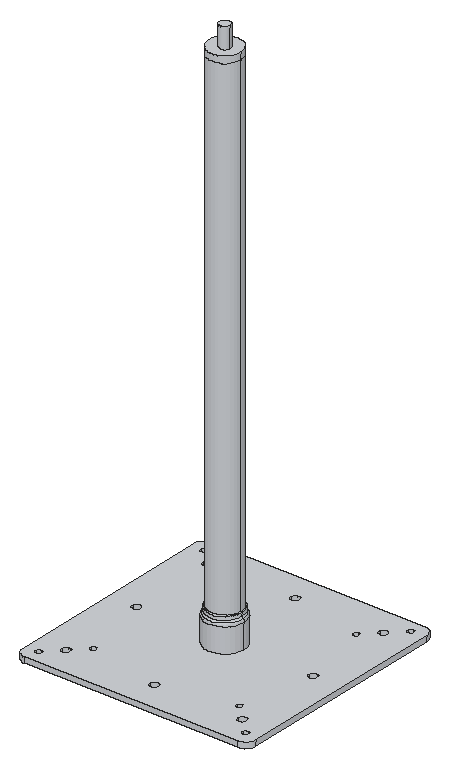
Revit family "ROTHOB_Rothoblaas_FallProtection_TowerXL", category Specialty Equipment, host Face, Revit 2022
Family settings
  Host = Face
  Round Connector Dimension = Use Diameter
  Part Type = Normal
  OmniClass Number = 23.27.71.21
  Cut with Voids When Loaded = No
  Maintain Annotation Orientation = No
  Shared = No
  Room Calculation Point = No
Parameters (values of type "350x800x350mm")
  WarrantyGuarantorParts = "n/a"
  WarrantyGuarantorLabor = "n/a"
  WarrantyDurationUnit = "n/a"
  WarrantyDurationParts = "n/a"
  WarrantyDurationLabor = "n/a"
  WarrantyDescription = "n/a"
  Version = "003"  # constant formula
  UniClass2015Version = "Products v1.38"  # constant formula
  UniClass2015Title = "Safety access anchor devices"  # constant formula
  UniClass2015Code = "Pr_40_70_75_75"  # constant formula
  Tipo IFC predefinito = "USERDEFINED"
  SustainabilityPerformance = "n/a"  # constant formula
  Size = "350x800x350 mm"
  Shape = "Three-dimensional"  # constant formula
  Revision = "001"  # constant formula
  ReplacementCost = "n/a"  # constant formula
  ReferenceStandard = "with PATROL: EN 795:2012 C | CEN/TS 16415:2013 | UNI 11578:2015 C | AS/NZS 1891.2:2001 | AS/NZS 1891.4:2009 | CSA Z259.16 // with H-RAIL: EN 795:2012 D | CEN/TS 16415:2013 | UNI 11578:2015 D | AS/NZS 1891.2:2001 | AS/NZS 1891.4:2009 | BS 8610:2017 D1-D2-D3-D5 // with AOS01: EN 795:2012 A | CEN/TS 16415:2013 A | UNI 11578:2015 A"  # constant formula
  GTIN = "8052877753826"
  Default Elevation = 1219.20 mm
  ProductInformation = "https://www.rothoblaas.com/products/fall-protection-system/anchor-lines/components/tower-xl"
  OmniClassVersion = "2012-05-16"  # constant formula
  OmniClassTitle = "Fall Arrest Systems"  # constant formula
  OmniClassCode = "23-27 71 21"  # constant formula
  ObjectMaterial = none
  NominalWidth = Width_B  # 350.00 mm
  NominalLength = Length_L  # 350.00 mm
  NominalHeight = Height_H  # 800.00 mm
  ModelNumberCode = 800
  Height_H = if(ModelNumberCode = 300, 300.00 mm, if(ModelNumberCode = 400, 400.00 mm, if(ModelNumberCode = 500, 500.00 mm, if(ModelNumberCode = 600, 600.00 mm, if(ModelNumberCode = 700, 700.00 mm, if(ModelNumberCode = 800, 800.00 mm, if(ModelNumberCode = 1000, 1000.00 mm, 0.00 mm)))))))  # 800.00 mm
  Name = "Support for fall protection systems"  # constant formula
  ModelReference = "n/a"  # constant formula
  ModelNumber = "TOWERXL800"
  ModelDisclaimer = "The latest version of the data sheets can be found on our website"  # constant formula
  MinWeight = "10.1 kg"
  Material = "S235JR zinc plated steel"  # constant formula
  ManufacturerURL = "www.rothoblaas.com"
  ManufacturerName = "ROTHO BLAAS SRL"  # constant formula
  Manufacturer = "info@rothoblaas.com"
  Manufacturer_x = "info@rothoblaas.com"
  IfcExportType = "USERDEFINED"
  IfcExportAs = "IfcBuildingElementProxyType"
  Width_B = 350.00 mm  # constant formula
  Grade = "n/a"  # constant formula
  Finish = "Zinc plated"  # constant formula
  Features = "Horizontal lifeline and anchor points"  # constant formula
  ExpectedLife = "n/a"  # constant formula
  Esporta tipo in formato IFC con nome = "IfcBuildingElementProxyType"
  DurationUnit = "Years"  # constant formula
  Description = "Support with increased bottom plate for fall protection systems for timber, steel and concrete roofs"  # constant formula
  Description_x = "Support with increased bottom plate for fall protection systems for timber, steel and concrete roofs"  # constant formula
  Length_L = 350.00 mm  # constant formula
  CylinderDiameter_d1 = 48.00 mm  # constant formula
  Constituents = "n/a"  # constant formula
  Color = "Grey"  # constant formula
  CodePerformance = "Safety system"  # constant formula
  Category = "Pr_40_70_75_75 - Safety access anchor devices"  # constant formula
  BIMObjectName = "ROTHOB_Rothoblaas_FallProtection_TowerXL"  # constant formula
  Author = "Augusto Meorali"  # constant formula
  AssetType = "Fixed"  # constant formula
  AccessibilityPerformance = "n/a"  # constant formula
Types (8, lengths in mm): name | Size | GTIN | ObjectMaterial | NominalHeight | ModelNumberCode | Height_H | ModelNumber | MinWeight | Manufacturer
  (no name) | "350x800x350 mm" | "8052877753826" | none | 800.00 | 800 | 800.00 | "TOWERXL800" | "10.1 kg" | "info@rothoblaas.com"
  350x300x350mm | "350x300x350 mm" | "8053800078856" | ROTHOB_Rothoblaas_SteelS235JR_ZincPlated | 300.00 | 300 | 300.00 | "TOWERXL300" | "9 kg" | "info@rothoblaas.com"
  350x400x350mm | "350x400x350 mm" | "8053800078863" | ROTHOB_Rothoblaas_SteelS235JR_ZincPlated | 400.00 | 400 | 400.00 | "TOWERXL400" | "9.3 kg" | 0.00
  350x500x350mm | "350x500x350 mm" | "8053800077774" | ROTHOB_Rothoblaas_SteelS235JR_ZincPlated | 500.00 | 500 | 500.00 | "TOWERXL500" | "9.6 kg" | "info@rothoblaas.com"
  350x600x350mm | "350x600x350 mm" | "8053800079518" | ROTHOB_Rothoblaas_SteelS235JR_ZincPlated | 600.00 | 600 | 600.00 | "TOWERXL600" | "9.7 kg" | "info@rothoblaas.com"
  350x700x350mm | "350x700x350 mm" | "8052877756131" | ROTHOB_Rothoblaas_SteelS235JR_ZincPlated | 700.00 | 700 | 700.00 | "TOWERXL700" | "9.9 kg" | "info@rothoblaas.com"
  350x800x350mm | "350x800x350 mm" | "8052877753826" | none | 800.00 | 800 | 800.00 | "TOWERXL800" | "10.1 kg" | "info@rothoblaas.com"
  350x1000x350mm | "350x1000x350 mm" | "n/a" | ROTHOB_Rothoblaas_SteelS235JR_ZincPlated | 1000.00 | 1000 | 1000.00 | "TOWERXL1000" | "10.5 kg" | "info@rothoblaas.com"
Reference planes
  plane 1 "Centro (Fronte/Retro)": y = 0
  plane 2: z = 0
  plane 3 "Centro (Sinistra/Destra)": x = 0
  plane 4: y = 175
  plane 5: y = -175
  plane 6: x = -175
  plane 7: x = 175
  plane 8: z = 8
  plane 9: z = 808
  plane 10: z = 838
  plane 11: z = 798
  plane 12: z = 785
  plane 13: y = 155.002
  plane 14: y = 132.198
  plane 15: y = 109.401
  plane 16: y = -109.401
  plane 17: y = -132.198
  plane 18: y = -155.002
  plane 19: x = -155.001
  plane 20: x = -132.202
  plane 21: x = -109.4
  plane 22: x = 155.001
  plane 23: x = 132.202
  plane 24: x = 109.4
Forms (mm)
  Extrusion 1, solid, material <- "ObjectMaterial", detail levels fine
    sketch origin (0, 0, 0) x (1, 0, 0) y (0, 1, 0)
      loop
        arc (-160, 175) -> (-170.607, 170.607) -> (-175, 160) r 15
        line (-175, 160) -> (-175, -160)
        arc (-175, -160) -> (-170.607, -170.607) -> (-160, -175) r 15
        line (-160, -175) -> (160, -175)
        arc (160, -175) -> (170.607, -170.607) -> (175, -160) r 15
        line (175, -160) -> (175, 160)
        arc (175, 160) -> (170.607, 170.607) -> (160, 175) r 15
        line (160, 175) -> (-160, 175)
      loop
        circle (-155.001, -155.002) r 4.5
      loop
        circle (155.001, -155.002) r 4.5
      loop
        circle (-109.4, -109.401) r 4.5
      loop
        circle (109.4, -109.401) r 4.5
      loop
        circle (-132.202, -132.198) r 6.25
      loop
        circle (132.202, -132.198) r 6.25
      loop
        circle (-155.001, 155.002) r 4.5
      loop
        circle (-109.4, 109.401) r 4.5
      loop
        circle (-132.202, 132.198) r 6.25
      loop
        circle (155.001, 155.002) r 4.5
      loop
        circle (109.4, 109.401) r 4.5
      loop
        circle (132.202, 132.198) r 6.25
      loop
        circle (0, -132.198) r 6.25
      loop
        circle (0, 132.198) r 6.25
      loop
        circle (132.202, 0) r 6.25
      loop
        circle (-132.202, 0) r 6.25
    from 0 to 8
  Extrusion 2, solid, material <- "ObjectMaterial", detail levels fine
    sketch origin (0, 0, 0) x (1, 0, 0) y (0, 1, 0)
      loop
        circle (0, 0) r 24
      loop
        circle (0, 0) r 23.5
    from 8 to 798
  Extrusion 3, solid, material <- "ObjectMaterial", detail levels fine
    sketch origin (0, 0, 0) x (1, 0, 0) y (0, 1, 0)
      loop
        circle (0, 0) r 8
    from 798 to 838
  Sweep 4, solid, material <- "ObjectMaterial", detail levels fine
    path origin (0, 0, 0) x (1, 0, 0) y (0, 1, 0)
      loop
        circle (0, 0) r 24
    profile origin (0, 24, 0) x (0, -1, 0) y (0, 0, 1)
      loop
        line (0, 8) -> (0, 57.786) -> (-0.817, 57.786)
        arc (-0.817, 57.786) -> (-1.479, 57.355) -> (-1.731, 56.606) r 1.204
        line (-1.731, 56.606) -> (-2.054, 51.988)
        arc (-2.054, 51.988) -> (-2.498, 50.126) -> (-3.509, 48.501) r 5.965
        arc (-3.509, 48.501) -> (-4.428, 46.518) -> (-4.744, 44.355) r 7.58
        line (-4.744, 44.355) -> (-4.744, 8) -> (0, 8)
  Extrusion 5, solid, material <- "ObjectMaterial", detail levels fine
    sketch origin (0, 0, 0) x (1, 0, 0) y (0, 1, 0)
      loop
        circle (0, 0) r 24
      loop
        circle (0, 0) r 8
    from 798 to 808
  Extrusion 6, solid, material <- "ObjectMaterial", detail levels fine
    sketch origin (0, 0, 0) x (1, 0, 0) y (0, 1, 0)
      loop
        line (-6.928, 12) -> (-13.856, 0) -> (-6.928, -12) -> (6.928, -12) -> (13.856, 0) -> (6.928, 12) -> (-6.928, 12)
    from 785 to 798
Lines and regions (mm)
  model lines, detail levels coarse+medium
    curve 1: line (175, 160, 0) -> (175, -160, 0)
    curve 2: arc (175, -160, 0) -> (170.607, -170.607, 0) -> (160, -175, 0) r 15
    curve 3: line (160, -175, 0) -> (-160, -175, 0)
    curve 4: arc (-160, -175, 0) -> (-170.607, -170.607, 0) -> (-175, -160, 0) r 15
    curve 5: line (-175, -160, 0) -> (-175, 160, 0)
    curve 6: arc (-175, 160, 0) -> (-170.607, 170.607, 0) -> (-160, 175, 0) r 15
    curve 7: line (-160, 175, 0) -> (160, 175, 0)
    curve 8: arc (160, 175, 0) -> (170.607, 170.607, 0) -> (175, 160, 0) r 15
    curve 9: arc (150.501, -155.002, 0) -> (155.001, -159.502, 0) -> (159.501, -155.002, 0) r 4.5
    curve 10: arc (159.501, -155.002, 0) -> (155.001, -150.502, 0) -> (150.501, -155.002, 0) r 4.5
    curve 11: arc (125.952, -132.198, 0) -> (132.202, -138.448, 0) -> (138.452, -132.198, 0) r 6.25
    curve 12: arc (138.452, -132.198, 0) -> (132.202, -125.948, 0) -> (125.952, -132.198, 0) r 6.25
    curve 13: arc (104.9, -109.401, 0) -> (109.4, -113.901, 0) -> (113.9, -109.401, 0) r 4.5
    curve 14: arc (113.9, -109.401, 0) -> (109.4, -104.901, 0) -> (104.9, -109.401, 0) r 4.5
    curve 15: arc (-6.25, -132.198, 0) -> (0, -138.448, 0) -> (6.25, -132.198, 0) r 6.25
    curve 16: arc (6.25, -132.198, 0) -> (0, -125.948, 0) -> (-6.25, -132.198, 0) r 6.25
    curve 17: arc (-113.9, -109.401, 0) -> (-109.4, -113.901, 0) -> (-104.9, -109.401, 0) r 4.5
    curve 18: arc (-104.9, -109.401, 0) -> (-109.4, -104.901, 0) -> (-113.9, -109.401, 0) r 4.5
    curve 19: arc (-138.452, -132.198, 0) -> (-132.202, -138.448, 0) -> (-125.952, -132.198, 0) r 6.25
    curve 20: arc (-125.952, -132.198, 0) -> (-132.202, -125.948, 0) -> (-138.452, -132.198, 0) r 6.25
    curve 21: arc (-159.501, -155.002, 0) -> (-155.001, -159.502, 0) -> (-150.501, -155.002, 0) r 4.5
    curve 22: arc (-150.501, -155.002, 0) -> (-155.001, -150.502, 0) -> (-159.501, -155.002, 0) r 4.5
    curve 23: arc (-138.452, 0, 0) -> (-132.202, -6.25, 0) -> (-125.952, 0, 0) r 6.25
    curve 24: arc (-125.952, 0, 0) -> (-132.202, 6.25, 0) -> (-138.452, 0, 0) r 6.25
    curve 25: arc (138.452, 0, 0) -> (132.202, 6.25, 0) -> (125.952, 0, 0) r 6.25
    curve 26: arc (125.952, 0, 0) -> (132.202, -6.25, 0) -> (138.452, 0, 0) r 6.25
    curve 27: arc (-6.25, 132.198, 0) -> (0, 125.948, 0) -> (6.25, 132.198, 0) r 6.25
    curve 28: arc (6.25, 132.198, 0) -> (0, 138.448, 0) -> (-6.25, 132.198, 0) r 6.25
    curve 29: arc (104.9, 109.401, 0) -> (109.4, 104.901, 0) -> (113.9, 109.401, 0) r 4.5
    curve 30: arc (113.9, 109.401, 0) -> (109.4, 113.901, 0) -> (104.9, 109.401, 0) r 4.5
    curve 31: arc (125.952, 132.198, 0) -> (132.202, 125.948, 0) -> (138.452, 132.198, 0) r 6.25
    curve 32: arc (138.452, 132.198, 0) -> (132.202, 138.448, 0) -> (125.952, 132.198, 0) r 6.25
    curve 33: arc (150.501, 155.002, 0) -> (155.001, 150.502, 0) -> (159.501, 155.002, 0) r 4.5
    curve 34: arc (159.501, 155.002, 0) -> (155.001, 159.502, 0) -> (150.501, 155.002, 0) r 4.5
    curve 35: arc (-113.9, 109.401, 0) -> (-109.4, 104.901, 0) -> (-104.9, 109.401, 0) r 4.5
    curve 36: arc (-104.9, 109.401, 0) -> (-109.4, 113.901, 0) -> (-113.9, 109.401, 0) r 4.5
    curve 37: arc (-138.452, 132.198, 0) -> (-132.202, 125.948, 0) -> (-125.952, 132.198, 0) r 6.25
    curve 38: arc (-125.952, 132.198, 0) -> (-132.202, 138.448, 0) -> (-138.452, 132.198, 0) r 6.25
    curve 39: arc (-159.501, 155.002, 0) -> (-155.001, 150.502, 0) -> (-150.501, 155.002, 0) r 4.5
    curve 40: arc (-150.501, 155.002, 0) -> (-155.001, 159.502, 0) -> (-159.501, 155.002, 0) r 4.5
    curve 83: line (0, 0, 838) -> (0, 0, 8)
    curve 86: arc (24, 0, 808) -> (0, 24, 808) -> (-24, 0, 808) r 24
    curve 87: arc (-24, 0, 808) -> (0, -24, 808) -> (24, 0, 808) r 24
    curve 90: arc (8, 0, 838) -> (0, 8, 838) -> (-8, 0, 838) r 8
    curve 91: arc (-8, 0, 838) -> (0, -8, 838) -> (8, 0, 838) r 8
  model lines, detail levels medium
    curve 41: line (175, -160, 8) -> (175, 160, 8)
    curve 42: arc (175, 160, 8) -> (170.607, 170.607, 8) -> (160, 175, 8) r 15
    curve 43: line (160, 175, 8) -> (-160, 175, 8)
    curve 44: arc (-160, 175, 8) -> (-170.607, 170.607, 8) -> (-175, 160, 8) r 15
    curve 45: line (-175, 160, 8) -> (-175, -160, 8)
    curve 46: arc (-175, -160, 8) -> (-170.607, -170.607, 8) -> (-160, -175, 8) r 15
    curve 47: line (-160, -175, 8) -> (160, -175, 8)
    curve 48: arc (160, -175, 8) -> (170.607, -170.607, 8) -> (175, -160, 8) r 15
    curve 49: arc (150.501, -155.002, 8) -> (155.001, -150.502, 8) -> (159.501, -155.002, 8) r 4.5
    curve 50: arc (159.501, -155.002, 8) -> (155.001, -159.502, 8) -> (150.501, -155.002, 8) r 4.5
    curve 51: arc (138.452, -132.198, 8) -> (132.202, -138.448, 8) -> (125.952, -132.198, 8) r 6.25
    curve 52: arc (125.952, -132.198, 8) -> (132.202, -125.948, 8) -> (138.452, -132.198, 8) r 6.25
    curve 53: arc (104.9, -109.401, 8) -> (109.4, -104.901, 8) -> (113.9, -109.401, 8) r 4.5
    curve 54: arc (113.9, -109.401, 8) -> (109.4, -113.901, 8) -> (104.9, -109.401, 8) r 4.5
    curve 55: arc (125.952, 0, 8) -> (132.202, 6.25, 8) -> (138.452, 0, 8) r 6.25
    curve 56: arc (138.452, 0, 8) -> (132.202, -6.25, 8) -> (125.952, 0, 8) r 6.25
    curve 57: arc (159.501, 155.002, 8) -> (155.001, 150.502, 8) -> (150.501, 155.002, 8) r 4.5
    curve 58: arc (150.501, 155.002, 8) -> (155.001, 159.502, 8) -> (159.501, 155.002, 8) r 4.5
    curve 59: arc (125.952, 132.198, 8) -> (132.202, 138.448, 8) -> (138.452, 132.198, 8) r 6.25
    curve 60: arc (138.452, 132.198, 8) -> (132.202, 125.948, 8) -> (125.952, 132.198, 8) r 6.25
    curve 61: arc (104.9, 109.401, 8) -> (109.4, 113.901, 8) -> (113.9, 109.401, 8) r 4.5
    curve 62: arc (113.9, 109.401, 8) -> (109.4, 104.901, 8) -> (104.9, 109.401, 8) r 4.5
    curve 63: arc (-6.25, 132.198, 8) -> (0, 138.448, 8) -> (6.25, 132.198, 8) r 6.25
    curve 64: arc (6.25, 132.198, 8) -> (0, 125.948, 8) -> (-6.25, 132.198, 8) r 6.25
    curve 65: arc (-6.25, -132.198, 8) -> (0, -125.948, 8) -> (6.25, -132.198, 8) r 6.25
    curve 66: arc (6.25, -132.198, 8) -> (0, -138.448, 8) -> (-6.25, -132.198, 8) r 6.25
    curve 67: arc (-113.9, -109.401, 8) -> (-109.4, -104.901, 8) -> (-104.9, -109.401, 8) r 4.5
    curve 68: arc (-104.9, -109.401, 8) -> (-109.4, -113.901, 8) -> (-113.9, -109.401, 8) r 4.5
    curve 69: arc (-138.452, -132.198, 8) -> (-132.202, -125.948, 8) -> (-125.952, -132.198, 8) r 6.25
    curve 70: arc (-125.952, -132.198, 8) -> (-132.202, -138.448, 8) -> (-138.452, -132.198, 8) r 6.25
    curve 71: arc (-159.501, -155.002, 8) -> (-155.001, -150.502, 8) -> (-150.501, -155.002, 8) r 4.5
    curve 72: arc (-150.501, -155.002, 8) -> (-155.001, -159.502, 8) -> (-159.501, -155.002, 8) r 4.5
    curve 73: arc (-138.452, 0, 8) -> (-132.202, 6.25, 8) -> (-125.952, 0, 8) r 6.25
    curve 74: arc (-125.952, 0, 8) -> (-132.202, -6.25, 8) -> (-138.452, 0, 8) r 6.25
    curve 75: arc (-104.9, 109.401, 8) -> (-109.4, 104.901, 8) -> (-113.9, 109.401, 8) r 4.5
    curve 76: arc (-113.9, 109.401, 8) -> (-109.4, 113.901, 8) -> (-104.9, 109.401, 8) r 4.5
    curve 77: arc (-125.952, 132.198, 8) -> (-132.202, 125.948, 8) -> (-138.452, 132.198, 8) r 6.25
    curve 78: arc (-138.452, 132.198, 8) -> (-132.202, 138.448, 8) -> (-125.952, 132.198, 8) r 6.25
    curve 79: arc (-159.501, 155.002, 8) -> (-155.001, 159.502, 8) -> (-150.501, 155.002, 8) r 4.5
    curve 80: arc (-150.501, 155.002, 8) -> (-155.001, 150.502, 8) -> (-159.501, 155.002, 8) r 4.5
    curve 81: arc (28.744, 0, 8) -> (0, -28.744, 8) -> (-28.744, 0, 8) r 28.744
    curve 82: arc (-28.744, 0, 8) -> (0, 28.744, 8) -> (28.744, 0, 8) r 28.744
    curve 84: arc (24, 0, 798) -> (0, -24, 798) -> (-24, 0, 798) r 24
    curve 85: arc (-24, 0, 798) -> (0, 24, 798) -> (24, 0, 798) r 24
    curve 92: line (-6.928, 12, 798) -> (-13.856, 0, 798)
    curve 93: line (-13.856, 0, 798) -> (-6.928, -12, 798)
    curve 94: line (-6.928, -12, 798) -> (6.928, -12, 798)
    curve 95: line (6.928, -12, 798) -> (13.856, 0, 798)
    curve 96: line (13.856, 0, 798) -> (6.928, 12, 798)
    curve 97: line (6.928, 12, 798) -> (-6.928, 12, 798)
    curve 98: line (6.928, -12, 785) -> (-6.928, -12, 785)
    curve 99: line (-6.928, -12, 785) -> (-13.856, 0, 785)
    curve 100: line (-13.856, 0, 785) -> (-6.928, 12, 785)
    curve 101: line (-6.928, 12, 785) -> (6.928, 12, 785)
    curve 102: line (6.928, 12, 785) -> (13.856, 0, 785)
    curve 103: line (13.856, 0, 785) -> (6.928, -12, 785)
    curve 104: line (-6.928, -12, 785) -> (-6.928, -12, 798)
    curve 105: line (6.928, -12, 785) -> (6.928, -12, 798)
    curve 106: line (13.856, 0, 785) -> (13.856, 0, 798)
    curve 107: line (6.928, 12, 785) -> (6.928, 12, 798)
    curve 108: line (-6.928, 12, 785) -> (-6.928, 12, 798)
    curve 109: line (-13.856, 0, 798) -> (-13.856, 0, 785)
  model lines
    curve 88: arc (8, 0, 808) -> (0, -8, 808) -> (-8, 0, 808) r 8
    curve 89: arc (-8, 0, 808) -> (0, 8, 808) -> (8, 0, 808) r 8
Dimensions and locks
  equal spacing: host sketch curve, plane 3 "Centro (Sinistra/Destra)", host sketch curve
  host sketch curve to host sketch curve = 380.00 mm
  equal spacing: host sketch curve, plane 1 "Centro (Fronte/Retro)", host sketch curve
  host sketch curve to host sketch curve = 378.543 mm
  equal spacing: plane 6, plane 3 "Centro (Sinistra/Destra)", plane 7
  "Width_B": plane 6 to plane 7
  equal spacing: plane 4, plane 1 "Centro (Fronte/Retro)", plane 5
  "Length_L": plane 4 to plane 5
  equal spacing: Extrusion 1 sketch curve, plane 3 "Centro (Sinistra/Destra)", Extrusion 1 sketch curve, locked at 155.001 each
  locked: Extrusion 1 sketch curve to Extrusion 1 sketch curve at 310.003  (x2)
  equal spacing: Extrusion 1 sketch curve, plane 3 "Centro (Sinistra/Destra)", Extrusion 1 sketch curve, locked at 132.202 each
  locked: Extrusion 1 sketch curve to Extrusion 1 sketch curve at 264.405
  equal spacing: Extrusion 1 sketch curve, plane 3 "Centro (Sinistra/Destra)", Extrusion 1 sketch curve, locked at 109.4 each
  locked: Extrusion 1 sketch curve to Extrusion 1 sketch curve at 218.799
  equal spacing: Extrusion 1 sketch curve, plane 1 "Centro (Fronte/Retro)", Extrusion 1 sketch curve, locked at 109.401 each
  locked: Extrusion 1 sketch curve to Extrusion 1 sketch curve at 218.803
  equal spacing: Extrusion 1 sketch curve, plane 1 "Centro (Fronte/Retro)", Extrusion 1 sketch curve, locked at 132.198 each
  locked: Extrusion 1 sketch curve to Extrusion 1 sketch curve at 264.396
  equal spacing: Extrusion 1 sketch curve, plane 1 "Centro (Fronte/Retro)", Extrusion 1 sketch curve, locked at 155.002 each
  "Height_H": plane 9 to plane 8
  locked: plane 10 to plane 9 at 30
  locked: plane 9 to plane 11 at 10
  locked: plane 8 to plane 2 at 8
  locked: plane 11 to plane 12 at 13
  plane 5 to plane 18 to plane 17 to plane 16 to plane 1 "Centro (Fronte/Retro)" to plane 15 to plane 14 to plane 13 to plane 4 = 19.998 mm, 22.804 mm, 22.797 mm, 109.401 mm, 109.401 mm, 22.797 mm, 22.804 mm, 19.998 mm
  plane 6 to plane 19 to plane 20 to plane 21 to plane 3 "Centro (Sinistra/Destra)" to plane 24 to plane 23 to plane 22 to plane 7 = 19.999 mm, 22.799 mm, 22.803 mm, 109.40 mm, 109.40 mm, 22.803 mm, 22.799 mm, 19.999 mm
  radius of Extrusion 1 sketch curve = 15.00 mm  (x4)
  diameter of Extrusion 1 sketch curve = 9.00 mm  (x8)
  diameter of Extrusion 1 sketch curve = 12.50 mm  (x8)
  "CylinderDiameter_d1": diameter of Extrusion 2 sketch curve
  diameter of Extrusion 3 sketch curve = 16.00 mm
  "CylinderDiameter_d1": diameter of Sweep 4 sketch curve
  "CylinderDiameter_d1": diameter of Extrusion 5 sketch curve
  diameter of Extrusion 5 sketch curve = 16.00 mm
  aligned and locked: plane 2 to host face
  aligned and locked: level to host face
  aligned and locked: plane 7 to Extrusion 1 sketch curve
  aligned and locked: plane 6 to Extrusion 1 sketch curve
  aligned and locked: Extrusion 1 sketch curve to plane 4
  aligned and locked: Extrusion 1 sketch curve to plane 5
  aligned and locked: plane 8 to Extrusion 1
  aligned and locked: Extrusion 2 to plane 8
  aligned and locked: plane 10 to Extrusion 3
  aligned and locked: plane 11 to Extrusion 2
  aligned and locked: plane 9 to Extrusion 5
  aligned and locked: Extrusion 5 to plane 11
  aligned and locked: plane 11 to Extrusion 6
  aligned and locked: Extrusion 6 to plane 12
  aligned and locked: Extrusion 3 to plane 11
  aligned and locked: plane 8 to curve 83
  aligned and locked: plane 10 to curve 83
  aligned and locked: curve 83 to plane 3 "Centro (Sinistra/Destra)"
  aligned and locked: Extrusion 6 to curve 106
  aligned and locked: Extrusion 6 to curve 107
  aligned and locked: Extrusion 6 to curve 108
  aligned and locked: Extrusion 6 to curve 109
  aligned and locked: Extrusion 6 to curve 104
  aligned and locked: Extrusion 6 to curve 105
  aligned and locked: plane 3 "Centro (Sinistra/Destra)" to Extrusion 1 sketch curve
  aligned and locked: plane 14 to Extrusion 1 sketch curve
  aligned and locked: plane 16 to Extrusion 1 sketch curve
  aligned and locked: plane 17 to Extrusion 1 sketch curve  (x2)
  aligned and locked: plane 18 to Extrusion 1 sketch curve
Automatic sketch dimensions
  plane 1 "Centro (Fronte/Retro)" to Extrusion 1 sketch curve = 0.00 mm  (x2)
  Extrusion 1 sketch curve to plane 3 "Centro (Sinistra/Destra)" = 0.00 mm
  Extrusion 1 sketch curve to Extrusion 1 sketch curve = 4.999 mm  (x2)
  plane 6 to Extrusion 1 sketch curve = 42.798 mm
  Extrusion 1 sketch curve to Extrusion 1 sketch curve = 22.799 mm
  Extrusion 1 sketch curve to Extrusion 1 sketch curve = 22.803 mm  (x2)
  plane 7 to Extrusion 1 sketch curve = 65.60 mm
  plane 7 to Extrusion 1 sketch curve = 42.798 mm
  Extrusion 1 sketch curve to plane 4 = 65.599 mm
  Extrusion 1 sketch curve to Extrusion 1 sketch curve = 22.797 mm
  Extrusion 1 sketch curve to Extrusion 1 sketch curve = 4.998 mm
  plane 1 "Centro (Fronte/Retro)" to Extrusion 2 sketch curve = 0.00 mm
  Extrusion 2 sketch curve to plane 3 "Centro (Sinistra/Destra)" = 0.00 mm
  Extrusion 2 sketch curve to Extrusion 2 sketch curve = 0.00 mm  (x2)
  plane 1 "Centro (Fronte/Retro)" to Extrusion 3 sketch curve = 0.00 mm
  Extrusion 3 sketch curve to plane 3 "Centro (Sinistra/Destra)" = 0.00 mm
  plane 1 "Centro (Fronte/Retro)" to Sweep 4 sketch curve = 0.00 mm
  Sweep 4 sketch curve to plane 3 "Centro (Sinistra/Destra)" = 0.00 mm
  profile plane to Sweep 4 sketch curve = 8.003 mm
  Sweep 4 sketch curve to Sweep 4 sketch curve = 3.259 mm
  Sweep 4 sketch curve to Sweep 4 sketch curve = 5.949 mm
  Sweep 4 sketch curve to Sweep 4 sketch curve = 0.323 mm
  Sweep 4 sketch curve to Sweep 4 sketch curve = 0.914 mm
  Sweep 4 sketch curve to Sweep 4 sketch curve = 1.204 mm
  Sweep 4 sketch curve to Sweep 4 sketch curve = 0.817 mm
  Sweep 4 sketch curve to Sweep 4 sketch curve = 7.58 mm
  level to Sweep 4 sketch curve = 8.00 mm
  Sweep 4 sketch curve to Sweep 4 sketch curve = 36.355 mm
  Sweep 4 sketch curve to Sweep 4 sketch curve = 7.633 mm
  Sweep 4 sketch curve to Sweep 4 sketch curve = 0.435 mm
  Sweep 4 sketch curve to Sweep 4 sketch curve = 4.618 mm
  Sweep 4 sketch curve to Sweep 4 sketch curve = 0.012 mm
  Extrusion 5 sketch curve to Extrusion 5 sketch curve = 0.00 mm  (x2)
  plane 1 "Centro (Fronte/Retro)" to Extrusion 5 sketch curve = 0.00 mm
  Extrusion 5 sketch curve to plane 3 "Centro (Sinistra/Destra)" = 0.00 mm
  curve 5 to plane 6 = 0.00 mm
  curve 6 to plane 4 = 0.00 mm
  plane 5 to curve 3 = 0.00 mm
  curve 2 to plane 7 = 0.00 mm
  curve 6 to plane 4 = 15.00 mm
  plane 6 to curve 3 = 15.00 mm
  curve 2 to curve 1 = 15.00 mm
  curve 8 to plane 4 = 15.00 mm
  curve 10 to curve 2 = 4.999 mm
  curve 2 to curve 10 = 4.998 mm
  curve 9 to curve 9 = 4.50 mm
  curve 12 to curve 10 = 18.299 mm
  curve 10 to curve 11 = 22.804 mm
  curve 12 to curve 11 = 6.25 mm
  curve 14 to curve 11 = 16.553 mm
  curve 11 to curve 14 = 22.797 mm
  curve 13 to curve 13 = 4.50 mm
  curve 16 to plane 3 "Centro (Sinistra/Destra)" = 0.00 mm
  curve 15 to plane 5 = 42.802 mm
  curve 15 to curve 15 = 6.25 mm
  plane 6 to curve 18 = 65.60 mm
  curve 17 to plane 5 = 65.599 mm
  curve 18 to curve 17 = 4.50 mm
  curve 20 to curve 17 = 18.303 mm
  curve 20 to curve 17 = 22.797 mm
  curve 19 to curve 19 = 6.25 mm
  curve 4 to curve 22 = 4.999 mm
  curve 4 to curve 22 = 4.998 mm
  curve 22 to curve 21 = 4.50 mm
  plane 1 "Centro (Fronte/Retro)" to curve 23 = 0.00 mm
  plane 6 to curve 24 = 42.798 mm
  curve 23 to curve 23 = 6.25 mm
  plane 1 "Centro (Fronte/Retro)" to curve 26 = 0.00 mm
  plane 7 to curve 25 = 42.798 mm
  curve 26 to curve 25 = 6.25 mm
  curve 28 to plane 3 "Centro (Sinistra/Destra)" = 0.00 mm
  curve 28 to plane 4 = 42.802 mm
  curve 28 to curve 27 = 6.25 mm
  plane 7 to curve 29 = 65.60 mm
  curve 30 to plane 4 = 65.599 mm
  curve 29 to curve 29 = 4.50 mm
  curve 29 to curve 32 = 18.303 mm
  curve 29 to curve 32 = 22.797 mm
  curve 32 to curve 31 = 6.25 mm
  curve 33 to curve 8 = 4.999 mm
  curve 34 to curve 8 = 4.998 mm
  curve 34 to curve 33 = 4.50 mm
  plane 6 to curve 36 = 65.60 mm
  curve 35 to plane 4 = 65.599 mm
  curve 35 to curve 35 = 4.50 mm
  curve 37 to curve 36 = 18.303 mm
  curve 36 to curve 37 = 22.797 mm
  curve 37 to curve 37 = 6.25 mm
  curve 39 to curve 40 = 0.00 mm  (x2)
  curve 6 to curve 40 = 4.999 mm
  curve 39 to curve 6 = 4.998 mm
  curve 40 to curve 39 = 4.50 mm
  curve 43 to Extrusion 1 = 15.00 mm
  curve 48 to Extrusion 1 = 15.00 mm
  curve 81 to curve 82 = 0.00 mm  (x2)
  curve 73 to curve 82 = 125.952 mm
  curve 73 to curve 81 = 0.00 mm
  curve 82 to curve 81 = 28.744 mm
  curve 92 to Extrusion 6 = 0.00 mm  (x4)
  Extrusion 6 to curve 93 = 0.00 mm
  curve 93 to Extrusion 6 = 0.00 mm
  curve 95 to Extrusion 6 = 0.00 mm
  curve 97 to Extrusion 6 = 0.00 mm
  Extrusion 6 to curve 96 = 0.00 mm
  curve 96 to Extrusion 6 = 0.00 mm
  curve 99 to Extrusion 6 = 0.00 mm  (x4)
  Extrusion 6 to curve 100 = 0.00 mm
  curve 100 to Extrusion 6 = 0.00 mm
  curve 98 to Extrusion 6 = 0.00 mm
  curve 101 to Extrusion 6 = 0.00 mm
  Extrusion 6 to curve 103 = 0.00 mm
  curve 103 to Extrusion 6 = 0.00 mm
  curve 106 to Extrusion 6 = 0.00 mm
  curve 107 to Extrusion 6 = 0.00 mm  (x2)
  Extrusion 6 to curve 106 = 0.00 mm
  curve 108 to Extrusion 6 = 0.00 mm
  curve 109 to Extrusion 6 = 0.00 mm  (x2)
  Extrusion 6 to curve 108 = 0.00 mm
  curve 104 to Extrusion 6 = 0.00 mm  (x2)
  curve 105 to Extrusion 6 = 0.00 mm  (x2)
  radius of Extrusion 2 sketch curve = 23.50 mm
  radius of curve 42 to Extrusion 1 = 0.00 mm
  radius of curve 46 to Extrusion 1 = 0.00 mm
  radius of curve 49 to Extrusion 1 = 0.00 mm
  radius of curve 51 to Extrusion 1 = 0.00 mm
  radius of curve 53 to Extrusion 1 = 0.00 mm
  radius of curve 55 to Extrusion 1 = 0.00 mm
  radius of curve 57 to Extrusion 1 = 0.00 mm
  radius of curve 59 to Extrusion 1 = 0.00 mm
  radius of curve 61 to Extrusion 1 = 0.00 mm
  radius of curve 63 to Extrusion 1 = 0.00 mm
  radius of curve 65 to Extrusion 1 = 0.00 mm
  radius of curve 67 to Extrusion 1 = 0.00 mm
  radius of curve 69 to Extrusion 1 = 0.00 mm
  radius of curve 71 to Extrusion 1 = 0.00 mm
  radius of curve 73 to Extrusion 1 = 0.00 mm
  radius of curve 75 to Extrusion 1 = 0.00 mm
  radius of curve 77 to Extrusion 1 = 0.00 mm
  radius of curve 79 to Extrusion 1 = 0.00 mm
  radius of curve 84 to Extrusion 5 = 0.00 mm
  radius of curve 86 to Extrusion 5 = 0.00 mm
  radius of curve 88 to Extrusion 5 = 0.00 mm
  radius of curve 90 to Extrusion 3 = 0.00 mm
